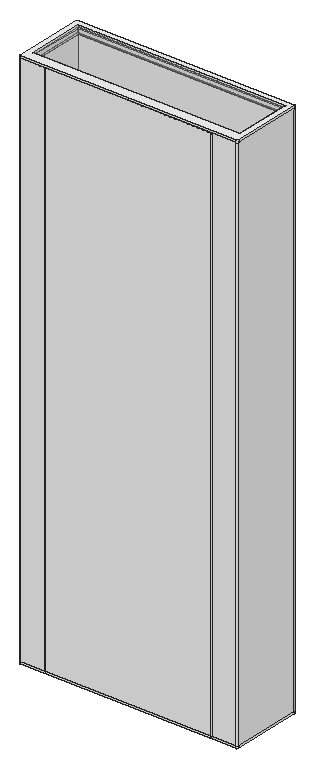
Revit family "STL22737BR_PTO_30", category Luminárias, Revit 2023
Family settings
  Hospedeiro = Parede
  Cota do conector redondo = Utilizar diâmetro
  Tipo de parte = Normal
  Número OmniClass = 23.80.70.00
  Título OmniClass = Lighting
  Sempre na vertical = Sim
  Corte com vazios quando carregada = Não
  Fonte luminosa = Sim
  Manter orientação da anotação = Não
  Compartilhado = Não
  Ponto de cálculo do ambiente = Não
Parameters (values of type "STH22737BR/30 - BRANCO - BIVOLT - 3000K - 1200lm")
  Ângulo de inclinação = -90.00°
  Ângulo de Abertura = "90°/90°"
  Wattage = 4.03926 W
  Vidro = Vidro
  URL = "https://stella.com.br/"
  Troca de temperatura da cor de lâmpada com esmaecimento = <Nenhum>
  Tensão Elétrica = "100V-240V"
  built-in parameter 1150107 = 3000 (stored number, unit not read)
  Temperatura da cor (K) = 3000 K
  Referência = "STH22737BR/30"
  Potência = 15 W
  built-in parameter 1150110 = 1 (stored number, unit not read)
  built-in parameter 1150109 = 1 (stored number, unit not read)
  built-in parameter 1114218 = 1 (stored number, unit not read)
  built-in parameter 1150112 = 1 (stored number, unit not read)
  built-in parameter 1150113 = 1 (stored number, unit not read)
  built-in parameter 1150132 = 2
  built-in parameter 1150137 = (empty or 0)
  Modelo = "Wall Max"
  Luminoso = Luminoso - 3000K
  built-in parameter 1150106 = 5.7602 (stored number, unit not read)
  Largura = 0.04 m
  built-in parameter 1150102 = (empty or 0)
  built-in parameter 1150105 = 576.02 (stored number, unit not read)
  IRC (Índice de reprodução de cores) = ">80"
  Grau de proteção (IP) = "IP65"
  Fluxo Luminoso_STL22737PTO = no
  Fluxo Luminoso_STH22737BR = yes
  Fluxo Luminoso = 1200 lm
  Color Filter = 16777215
  built-in parameter 1114217 = 1 (stored number, unit not read)
  built-in parameter 1150139 = (empty or 0)
  Fabricante = "Stella"
  Estrutura = Al - Branco
  Default Elevation = 0.00 m
  built-in parameter 1150104 = 13.8 (stored number, unit not read)
  Dimerização = "Não dimerizável"
  built-in parameter 1150115 = 1 (stored number, unit not read)
  built-in parameter 1150114 = 1 (stored number, unit not read)
  Lumens = 600 lm
  built-in parameter 1150138 = (empty or 0)
  built-in parameter 1150134 = (empty or 0)
  Comprimento = 0.12 m
  Arquivo de rede fotométrica = "STELLA - STL22737BR-30 - WALL MAX FACHO ABERTO.ies"
  Altura = 0.30 m
  built-in parameter 1150133 = 10 (stored number, unit not read)
Types (3, lengths in m): name | Referência | Modelo | Fluxo Luminoso_STL22737PTO | Fluxo Luminoso_STH22737BR | Estrutura | Arquivo de rede fotométrica
  (no name) | "STH22737BR/30" | "Wall Max" | no | yes | Al - Branco | "STELLA - STL22737BR-30 - WALL MAX FACHO ABERTO.ies"
  STH22737BR/30 - BRANCO - BIVOLT - 3000K - 1200lm | "STH22737BR/30" | "Wall Max" | no | yes | Al - Branco | "STELLA - STL22737BR-30 - WALL MAX FACHO ABERTO.ies"
  STH22737PTO/30 - PRETO - BIVOLT - 3000K - 1200lm | "STH22737PTO/30" | "Wall Plus" | yes | no | Al - Preto | "STELLA - STL22737PTO-30 - WALL MAX FACHO ABERTO.ies"
Reference planes (m)
  plane 1: y = 0
  plane 2 "Eixo de origem da luz (F/T)": y = 0.120636
  plane 3 "Plano de inclinação da fonte de luz": x = -0.036356
  plane 4 "Elevação da origem da luz": z = 1
  plane 5: x = 0.023644
  plane 6: x = -0.096356
  plane 7: y = 0.1432
  plane 8 "Superior": z = 1.15
  plane 9: z = 0.85
  plane 10 "Centro": z = 1
  plane 11: y = 0.1032
Forms (m)
  Extrusion 1, solid, material "Al - Branco" <- "Estrutura"
    sketch origin (0, 0, 1) x (0, 1, 0) y (-1, 0, 0)
      loop
        line (0.1047, 0.094856) -> (0.1417, 0.094856) -> (0.1417, -0.022144) -> (0.1047, -0.022144) -> (0.1047, -0.009644) -> (0.1032, -0.009644) -> (0.1032, -0.022644)
        arc (0.1032, -0.022644) -> (0.103493, -0.023351) -> (0.1042, -0.023644) r 0.001
        line (0.1042, -0.023644) -> (0.1422, -0.023644)
        arc (0.1422, -0.023644) -> (0.142907, -0.023351) -> (0.1432, -0.022644) r 0.001
        line (0.1432, -0.022644) -> (0.1432, 0.095356)
        arc (0.1432, 0.095356) -> (0.142907, 0.096063) -> (0.1422, 0.096356) r 0.001
        line (0.1422, 0.096356) -> (0.1042, 0.096356)
        arc (0.1042, 0.096356) -> (0.103493, 0.096063) -> (0.1032, 0.095356) r 0.001
        line (0.1032, 0.095356) -> (0.1032, 0.082356) -> (0.1047, 0.082356) -> (0.1047, 0.094856)
    from -0.149 to 0.149
  Extrusion 2, solid, material "Al - Branco" <- "Estrutura"
    sketch origin (0, 0, 1) x (0, 1, 0) y (-1, 0, 0)
      loop
        line (0.1032, 0.081637) -> (0.1032, -0.008925)
        arc (0.1032, -0.008925) -> (0.103367, -0.009328) -> (0.103769, -0.009494) r 0.000569
        line (0.103769, -0.009494) -> (0.10505, -0.009494) -> (0.10505, -0.007494) -> (0.1042, -0.007494) -> (0.1042, 0.080206) -> (0.10505, 0.080206) -> (0.10505, 0.082206) -> (0.103769, 0.082206)
        arc (0.103769, 0.082206) -> (0.103367, 0.082039) -> (0.1032, 0.081637) r 0.000569
    from -0.149 to 0.149
  Sweep 3, solid, material "Vidro" <- "Vidro"
    path origin (0, 0, 1) x (0, 1, 0) y (-1, 0, 0)
      loop
        line (0.140036, 0.093406) -> (0.108936, 0.093406) -> (0.108936, -0.020694) -> (0.140036, -0.020694) -> (0.140036, 0.093406)
    profile origin (-0.093406, 0.124486, 1) x (-1, 0, 0) y (0, 0, 1)
      loop
        line (0, 0.146) -> (0, 0.15) -> (-0.003, 0.15) -> (-0.003, 0.149) -> (-0.001, 0.149) -> (-0.001, 0.146) -> (0, 0.146)
  Extrusion 4, solid, material "Vidro" <- "Vidro"
    sketch origin (0, 0, 1) x (0, 1, 0) y (-1, 0, 0)
      loop
        line (0.137036, 0.090406) -> (0.111936, 0.090406) -> (0.111936, -0.017694) -> (0.137036, -0.017694) -> (0.137036, 0.090406)
    from 0.149 to 0.15
  Extrusion 5, solid, material "Al - Branco" <- "Estrutura"
    sketch origin (0, 0, 1) x (0, 1, 0) y (-1, 0, 0)
      loop
        line (0.140036, 0.093406) -> (0.108936, 0.093406) -> (0.108936, -0.020694) -> (0.140036, -0.020694) -> (0.140036, 0.093406)
      loop
        arc (0.1432, 0.095356) -> (0.142907, 0.096063) -> (0.1422, 0.096356) r 0.001
        line (0.1422, 0.096356) -> (0.1042, 0.096356)
        arc (0.1042, 0.096356) -> (0.103493, 0.096063) -> (0.1032, 0.095356) r 0.001
        line (0.1032, 0.095356) -> (0.1032, -0.022644)
        arc (0.1032, -0.022644) -> (0.103493, -0.023351) -> (0.1042, -0.023644) r 0.001
        line (0.1042, -0.023644) -> (0.1422, -0.023644)
        arc (0.1422, -0.023644) -> (0.142907, -0.023351) -> (0.1432, -0.022644) r 0.001
        line (0.1432, -0.022644) -> (0.1432, 0.095356)
    from 0.149 to 0.15
  Extrusion 6, solid, material "Al - Branco" <- "Estrutura"
    sketch origin (0, 0, 1) x (-1, 0, 0) y (0, -1, 0)
      loop
        line (0.093406, -0.140036) -> (0.093406, -0.108936) -> (-0.020694, -0.108936) -> (-0.020694, -0.140036) -> (0.093406, -0.140036)
      loop
        arc (0.095356, -0.1432) -> (0.096063, -0.142907) -> (0.096356, -0.1422) r 0.001
        line (0.096356, -0.1422) -> (0.096356, -0.1042)
        arc (0.096356, -0.1042) -> (0.096063, -0.103493) -> (0.095356, -0.1032) r 0.001
        line (0.095356, -0.1032) -> (-0.022644, -0.1032)
        arc (-0.022644, -0.1032) -> (-0.023351, -0.103493) -> (-0.023644, -0.1042) r 0.001
        line (-0.023644, -0.1042) -> (-0.023644, -0.1422)
        arc (-0.023644, -0.1422) -> (-0.023351, -0.142907) -> (-0.022644, -0.1432) r 0.001
        line (-0.022644, -0.1432) -> (0.095356, -0.1432)
    from 0.149 to 0.15
  Extrusion 7, solid, material "Al - Branco" <- "Estrutura"
    sketch origin (0, 0, 1) x (-1, 0, 0) y (0, -1, 0)
      loop
        line (0.093406, -0.140036) -> (0.093406, -0.108936) -> (-0.020694, -0.108936) -> (-0.020694, -0.140036) -> (0.093406, -0.140036)
      loop
        arc (0.095356, -0.1432) -> (0.096063, -0.142907) -> (0.096356, -0.1422) r 0.001
        line (0.096356, -0.1422) -> (0.096356, -0.1042)
        arc (0.096356, -0.1042) -> (0.096063, -0.103493) -> (0.095356, -0.1032) r 0.001
        line (0.095356, -0.1032) -> (-0.022644, -0.1032)
        arc (-0.022644, -0.1032) -> (-0.023351, -0.103493) -> (-0.023644, -0.1042) r 0.001
        line (-0.023644, -0.1042) -> (-0.023644, -0.1422)
        arc (-0.023644, -0.1422) -> (-0.023351, -0.142907) -> (-0.022644, -0.1432) r 0.001
        line (-0.022644, -0.1432) -> (0.095356, -0.1432)
    from -0.15 to -0.149
  Sweep 8, solid, material "Vidro" <- "Vidro"
    path origin (-0.072711, 0, 0.731948) x (1, 0, 0) y (0, 1, 0)
      loop
        line (0.093406, 0.140036) -> (-0.020694, 0.140036) -> (-0.020694, 0.108936) -> (0.093406, 0.108936) -> (0.093406, 0.140036)
    profile origin (0.020694, 0.124486, 0.731948) x (-1, 0, 0) y (0, 0, 1)
      loop
        line (0, 0.122052) -> (0, 0.118052) -> (0.003, 0.118052) -> (0.003, 0.119052) -> (0.001, 0.119052) -> (0.001, 0.122052) -> (0, 0.122052)
  Extrusion 9, solid, material "Vidro" <- "Vidro"
    sketch origin (0, 0, 1) x (0, 1, 0) y (-1, 0, 0)
      loop
        line (0.137036, 0.090406) -> (0.111936, 0.090406) -> (0.111936, -0.017694) -> (0.137036, -0.017694) -> (0.137036, 0.090406)
    from -0.15 to -0.149
Cuts and joins
  joined: Sweep 3, Extrusion 4
  joined: Sweep 8, Extrusion 9
Text (m)
  text "Lado da colocação" at (0, 1.019848, 2.844603), in view "Direita"
  text "Lado da colocação" at (-0.592662, 0.673012, 0), in view "Nível de referência"
  text "Lado da colocação" at (0, 1.206291, 3.371227), in view "Esquerda"
  text "90 graus" at (-0.2286, 1.517863, 2.019117), in view "Esquerda"
  text "Inclinação da luz de 0 graus" at (-0.2286, 0.870797, 0.30306), in view "Esquerda"
  text "180 graus" at (-0.2286, 0.532154, 2.851909), in view "Esquerda"
Dimensions and locks (m)
  "Comprimento": plane 6 to plane 5
  "Altura": plane 9 to plane 8 "Superior"
  "Largura": plane 7 to plane 11
Automatic sketch dimensions
  Extrusion 1 sketch curve to host wall = 0.00 m  (x2)
  Extrusion 1 sketch curve to plane 5 = 0.00 m
  Extrusion 1 sketch curve to plane 6 = 0.00 m
  Extrusion 1 sketch curve to plane 7 = 0.00 m
  host wall to Extrusion 1 sketch curve = 0.001 m
  Extrusion 1 sketch curve to Extrusion 1 sketch curve = 0.001 m
  Extrusion 1 sketch curve to Extrusion 1 sketch curve = 0.0005 m  (x4)
  Extrusion 1 sketch curve to Extrusion 1 sketch curve = 0.0015 m
  Extrusion 1 sketch curve to plane 7 = 0.0015 m
  Extrusion 1 sketch curve to plane 7 = 0.001 m
  Extrusion 1 sketch curve to Extrusion 1 sketch curve = 0.0125 m
  Extrusion 1 sketch curve to Extrusion 1 sketch curve = 0.013 m
  Extrusion 2 sketch curve to host wall = 0.00 m
  host wall to Extrusion 2 sketch curve = 0.000569 m
  Extrusion 2 sketch curve to Extrusion 2 sketch curve = 0.000569 m
  host wall to Extrusion 2 sketch curve = 0.001 m
  Extrusion 2 sketch curve to Extrusion 2 sketch curve = 0.00085 m  (x2)
  Extrusion 2 sketch curve to plane 5 = 0.01415 m
  Extrusion 2 sketch curve to Extrusion 2 sketch curve = 0.001431 m  (x2)
  plane 6 to Extrusion 2 sketch curve = 0.01615 m
  plane 11 to Sweep 3 sketch curve = 0.005736 m
  Sweep 3 sketch curve to plane 7 = 0.003164 m
  Sweep 3 sketch curve to plane 5 = 0.00295 m
  plane 6 to Sweep 3 sketch curve = 0.00295 m
  Sweep 3 sketch curve to profile plane = 0.00 m
  profile plane to Sweep 3 sketch curve = 0.001 m
  Sweep 3 sketch curve to Sweep 3 sketch curve = 0.002 m
  Sweep 3 sketch curve to plane 4 "Elevação da origem da luz" = 0.146 m
  Sweep 3 sketch curve to Sweep 3 sketch curve = 0.003 m
  Sweep 3 sketch curve to Sweep 3 sketch curve = 0.001 m
  plane 2 "Eixo de origem da luz (F/T)" to Extrusion 4 sketch curve = 0.0087 m
  Extrusion 4 sketch curve to plane 7 = 0.006164 m
  Extrusion 4 sketch curve to plane 5 = 0.00595 m
  plane 6 to Extrusion 4 sketch curve = 0.00595 m
  Extrusion 5 sketch curve to host wall = 0.00 m
  Extrusion 5 sketch curve to plane 6 = 0.00 m
  Extrusion 5 sketch curve to plane 5 = 0.00 m
  Extrusion 5 sketch curve to plane 7 = 0.00 m
  host wall to Extrusion 5 sketch curve = 0.001 m
  Extrusion 5 sketch curve to Extrusion 5 sketch curve = 0.001 m  (x2)
  Extrusion 5 sketch curve to Extrusion 5 sketch curve = 0.004736 m
  Extrusion 5 sketch curve to plane 7 = 0.003164 m
  Extrusion 5 sketch curve to plane 7 = 0.001 m
  Extrusion 5 sketch curve to Extrusion 5 sketch curve = 0.00195 m  (x2)
  Extrusion 6 sketch curve to plane 5 = 0.00 m
  Extrusion 6 sketch curve to host wall = 0.00 m
  Extrusion 6 sketch curve to plane 7 = 0.00 m
  Extrusion 6 sketch curve to plane 6 = 0.00 m
  Extrusion 6 sketch curve to Extrusion 6 sketch curve = 0.001 m  (x2)
  Extrusion 6 sketch curve to Extrusion 6 sketch curve = 0.00195 m
  plane 6 to Extrusion 6 sketch curve = 0.00295 m
  plane 6 to Extrusion 6 sketch curve = 0.001 m  (x2)
  Extrusion 6 sketch curve to Extrusion 6 sketch curve = 0.002164 m
  Extrusion 6 sketch curve to Extrusion 6 sketch curve = 0.004736 m
  Extrusion 7 sketch curve to plane 5 = 0.00 m
  Extrusion 7 sketch curve to host wall = 0.00 m
  Extrusion 7 sketch curve to plane 7 = 0.00 m
  Extrusion 7 sketch curve to plane 6 = 0.00 m
  Extrusion 7 sketch curve to Extrusion 7 sketch curve = 0.001 m  (x2)
  Extrusion 7 sketch curve to Extrusion 7 sketch curve = 0.00195 m
  plane 6 to Extrusion 7 sketch curve = 0.00295 m
  plane 6 to Extrusion 7 sketch curve = 0.001 m  (x2)
  Extrusion 7 sketch curve to Extrusion 7 sketch curve = 0.002164 m
  Extrusion 7 sketch curve to Extrusion 7 sketch curve = 0.004736 m
  plane 6 to Sweep 8 sketch curve = 0.00295 m
  Sweep 8 sketch curve to plane 5 = 0.00295 m
  plane 11 to Sweep 8 sketch curve = 0.005736 m
  Sweep 8 sketch curve to plane 7 = 0.003164 m
  Sweep 8 sketch curve to profile plane = 0.00 m
  Sweep 8 sketch curve to profile plane = 0.001 m
  Sweep 8 sketch curve to Sweep 8 sketch curve = 0.002 m
  profile plane to Sweep 8 sketch curve = 0.118052 m
  Sweep 8 sketch curve to Sweep 8 sketch curve = 0.001 m
  Sweep 8 sketch curve to Sweep 8 sketch curve = 0.003 m
  plane 2 "Eixo de origem da luz (F/T)" to Extrusion 9 sketch curve = 0.0087 m
  Extrusion 9 sketch curve to plane 7 = 0.006164 m
  plane 6 to Extrusion 9 sketch curve = 0.11405 m
  Extrusion 9 sketch curve to Extrusion 9 sketch curve = 0.1081 m
Nested families (m)
  nested 1: "Fluxo Luminoso_Way Plus STL22737BR" at (-0.036356, 0.123702, 0.87925), visible <- "Fluxo Luminoso_STH22737BR", type "Fluxo Luminoso_Way Plus STL22737BR"
  nested 2: "Fluxo Luminoso_Way Plus STL22737PTO" at (-0.036356, 0.123702, 0.87925), visible <- "Fluxo Luminoso_STL22737PTO", type "Fluxo Luminoso_Way Plus STL22737PTO"
Connectors (m)
  electrical at (-0.036356, 0.1232, 1)
    settings: index 1, voltage 0 V, apparent load 0 VA, apparent load phase1 0 VA, apparent load phase2 0 VA, apparent load phase3 0 VA, power factor 1, load classification "Outro", number of poles 1, system type 31, power factor state 1, is connector primary yes, connector utility no, sub classification motor no, connector description ""
Definition of nested family "Fluxo Luminoso_Way Plus STL22737BR"
  Parameters (values of type "Fluxo Luminoso_Way Plus STL22737BR")
    Wattage = 4.03926 W
    built-in parameter 1150110 = 1 (stored number, unit not read)
    built-in parameter 1114217 = 1 (stored number, unit not read)
    built-in parameter 1150109 = 1 (stored number, unit not read)
    Default Elevation = 0.00 m
    built-in parameter 1150134 = (empty or 0)
    built-in parameter 1150113 = 1 (stored number, unit not read)
    Lumens = 600 lm
    Tilt Angle = 90.00°
    built-in parameter 1150115 = 1 (stored number, unit not read)
    built-in parameter 1150105 = 576.02 (stored number, unit not read)
    built-in parameter 1150137 = (empty or 0)
    built-in parameter 1150139 = (empty or 0)
    built-in parameter 1150112 = 1 (stored number, unit not read)
    built-in parameter 1150114 = 1 (stored number, unit not read)
    built-in parameter 1150132 = 2
    built-in parameter 1150102 = (empty or 0)
    built-in parameter 1150138 = (empty or 0)
    built-in parameter 1150107 = 3000 (stored number, unit not read)
    built-in parameter 1150106 = 5.7602 (stored number, unit not read)
    built-in parameter 1150104 = 13.8 (stored number, unit not read)
    Dimming Lamp Color Temperature Shift = (empty or 0)
    Color Filter = 16777215
    built-in parameter 1114218 = 1 (stored number, unit not read)
    Photometric Web File = "STELLA - STL22737BR-30 - WALL MAX FACHO ABERTO.ies"
    built-in parameter 1150133 = 10 (stored number, unit not read)
  Reference planes (m)
    plane 1 "Plano de inclinação (F/T)": y = 0
    plane 2: z = 0
    plane 3 "Eixo de origem da luz (E/D)": x = 0
    plane 4 "Elevação da origem da luz": z = 1.3716
  Text (m)
    text "Ângulo de inclinação de 0 graus" at (0.809978, -4.572, 1.586413), in view "Parte frontal"
    text "90" at (-0.194597, -4.572, 2.488248), in view "Parte frontal"
    text "180" at (-1.13068, -4.572, 1.586413), in view "Parte frontal"
    text "270" at (-0.320169, -4.572, 0.456265), in view "Parte frontal"
    text "Ângulo de inclinação de 0 graus" at (1.952354, 4.572, 1.54298), in view "Parte posterior"
    text "180" at (-0.876627, 4.572, 1.524796), in view "Parte posterior"
    text "90" at (0.296375, 4.572, 2.698908), in view "Parte posterior"
    text "270" at (0.421947, 4.572, 0.666926), in view "Parte posterior"
  Dimensions and locks (m)
    aligned and locked: plane 3 "Eixo de origem da luz (E/D)" to imposter light
    aligned and locked: level to plane 2
Definition of nested family "Fluxo Luminoso_Way Plus STL22737PTO"
  Parameters (values of type "Fluxo Luminoso_Way Plus STL22737PTO")
    Wattage = 4.03926 W
    built-in parameter 1150110 = 1 (stored number, unit not read)
    built-in parameter 1114217 = 1 (stored number, unit not read)
    built-in parameter 1150109 = 1 (stored number, unit not read)
    Default Elevation = 0.00 m
    built-in parameter 1150134 = (empty or 0)
    built-in parameter 1150113 = 1 (stored number, unit not read)
    Lumens = 600 lm
    Tilt Angle = 90.00°
    built-in parameter 1150115 = 1 (stored number, unit not read)
    built-in parameter 1150105 = 47.746 (stored number, unit not read)
    built-in parameter 1150137 = (empty or 0)
    built-in parameter 1150139 = (empty or 0)
    built-in parameter 1150112 = 1 (stored number, unit not read)
    built-in parameter 1150114 = 1 (stored number, unit not read)
    built-in parameter 1150132 = 2
    built-in parameter 1150102 = (empty or 0)
    built-in parameter 1150138 = (empty or 0)
    built-in parameter 1150107 = 3000 (stored number, unit not read)
    built-in parameter 1150106 = 0.47746 (stored number, unit not read)
    built-in parameter 1150104 = 13.8 (stored number, unit not read)
    Dimming Lamp Color Temperature Shift = (empty or 0)
    Color Filter = 16777215
    built-in parameter 1114218 = 1 (stored number, unit not read)
    Photometric Web File = "STELLA - STL22737PTO-30 - WALL MAX FACHO ABERTO.ies"
    built-in parameter 1150133 = 10 (stored number, unit not read)
  Reference planes (m)
    plane 1 "Plano de inclinação (F/T)": y = 0
    plane 2: z = 0
    plane 3 "Eixo de origem da luz (E/D)": x = 0
    plane 4 "Elevação da origem da luz": z = 1.3716
  Text (m)
    text "Ângulo de inclinação de 0 graus" at (0.809978, -4.572, 1.586413), in view "Parte frontal"
    text "90" at (-0.194597, -4.572, 2.488248), in view "Parte frontal"
    text "180" at (-1.13068, -4.572, 1.586413), in view "Parte frontal"
    text "270" at (-0.320169, -4.572, 0.456265), in view "Parte frontal"
    text "Ângulo de inclinação de 0 graus" at (1.952354, 4.572, 1.54298), in view "Parte posterior"
    text "180" at (-0.876627, 4.572, 1.524796), in view "Parte posterior"
    text "90" at (0.296375, 4.572, 2.698908), in view "Parte posterior"
    text "270" at (0.421947, 4.572, 0.666926), in view "Parte posterior"
  Dimensions and locks (m)
    aligned and locked: plane 3 "Eixo de origem da luz (E/D)" to imposter light
    aligned and locked: level to plane 2
